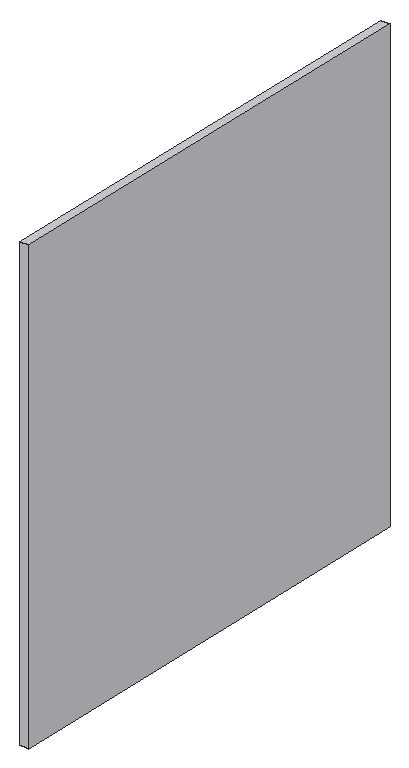
Revit family "M_Rectangular Union", category Duct Fittings, Revit 2014
Parameters (values of type "Standard")
  Duct Width [instance] = 300 mm
  Duct Length [instance] = 6 mm
  Duct Height [instance] = 300 mm
Reference planes
  plane 1 "Center (Front/Back)": y = 0
  plane 2: z = 0
  plane 3 "Center (Left/Right)": x = 0
  plane 4: x = -3
  plane 5: x = 3
Forms (mm)
  Extrusion 1, solid, detail levels medium+fine
    sketch origin (0, 0, 0) x (0, 1, 0) y (0, 0, 1)
      loop
        line (150, -150) -> (150, 150) -> (-150, 150) -> (-150, -150) -> (150, -150)
    from -3 to 3
Lines and regions (mm)
  model lines, style "DuctFitting", detail levels coarse
    curve 1: line (-3, 0, 0) -> (3, 0, 0)
Dimensions and locks
  equal spacing: plane 4, plane 3 "Center (Left/Right)", plane 5
  "Duct Length": plane 4 to plane 5
  equal spacing: Extrusion 1 sketch curve, plane 1 "Center (Front/Back)", Extrusion 1 sketch curve
  equal spacing: Extrusion 1 sketch curve, level, Extrusion 1 sketch curve
  "Duct Width": Extrusion 1 sketch curve to Extrusion 1 sketch curve
  "Duct Height": Extrusion 1 sketch curve to Extrusion 1 sketch curve
  aligned and locked: Extrusion 1 to plane 4
  aligned and locked: plane 5 to Extrusion 1
  aligned and locked: curve 1 to Extrusion 1
  aligned and locked: connector elem to curve 1
Automatic sketch dimensions
  curve 1 to plane 5 = 0 mm
Connectors
  hvac at (-3, 0, 0), driven by "Duct Height", driven by "Duct Width"
    settings: on Extrusion 1, index 0, duct flow 0.0 L/s, flow factor 0, pres drop 0.0 Pa, loss coef 0, conn angle 0.00°, conn width 300 mm, conn height 300 mm, conn diameter 609.6 mm, duct sys type 28, conn prof type 1, flow config 0, flow direction 0, loss method 0, conn ref index 1, conn util no, is conn primary yes, conn desc ""
  hvac at (3, 0, 0), driven by "Duct Height", driven by "Duct Width"
    settings: on Extrusion 1, index 1, duct flow 0.0 L/s, flow factor 0, pres drop 0.0 Pa, loss coef 0, conn angle 0.00°, conn width 300 mm, conn height 300 mm, conn diameter 609.6 mm, duct sys type 28, conn prof type 1, flow config 0, flow direction 0, loss method 0, conn ref index 0, conn util no, is conn primary no, conn desc ""
